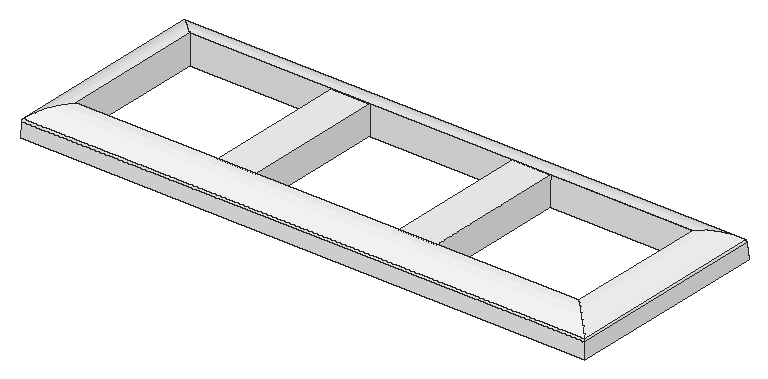
Revit family "Gira_021303", category Electrical Fixtures, host Face, Revit 2017
Family settings
  Host = Face
  Maintain Annotation Orientation = No
  Round Connector Dimension = Use Diameter
  Part Type = Normal
  Cut with Voids When Loaded = No
  Shared = No
  Room Calculation Point = No
Parameters (values of type "Cov.fr. 3-g Standard 55 p.white")
  With mounting grid = "No"
  With hinged lid = "No"
  URL = "http://katalog.gira.de/en/datenblatt.html?artikelnr=021303"
  Type of fastening = "Clamp mounting"
  Transparent = "No"
  Surface protection = "Other"
  Surface finishing = "Glossy"
  Suitable for wall duct = "No"
  Suitable for flush-mounted installation = "Yes"
  Suitable for floor box = "No"
  Suitable for built-in installation = "No"
  RAL-number (akin) = "9010"
  Number of units vertical = "3"
  Number of units horizontal = "3"
  Number of units = "3"
  Name = "Cov.fr. 3-g Standard 55 p.white"
  Mounting direction = "Horizontal and vertical"
  Material quality = "Thermoplastic"
  Material = "Plastic"
  Manufacturer URL = "https://www.gira.de/"
  Manufacturer = "Gira"
  Label space/information surface = "No"
  Keynote = ""
  HeinzeBIM = "https://bimportal.heinze.de/bim/cov-fr-3-g-standard-55-p-white/6eb16dc43ea6cd5cbc73a7e035a179e5f14b4485"
  Halogen free = "Yes"
  HAN = "021303"
  GTIN = "4010337213031"
  Description = "Cov.fr.3g Std55 PW,Gira Standard 55 cover frame,pure white glossy,3-gang,Features:,- Shatter-proof.,,Notes :,- Also suitable for duct installation.,- In connection with the seal kit, frame (1-gang to 5-gang) is also suitable for installation as water-protected flush-mounted IP44."
  Degree of protection (IP) = "IP21"
  Default Elevation = 1219.2 mm
  Data sheet (1) = "https://katalog.gira.de/en/download.html?artikelnr=021303"
  Colour = "White"
  Category = "Cover frame for domestic switching devices"
  BIM (1) = "https://media.stage.bim.site/public/gira/36a6b08/Std55_Rahmen_3fach.rfa"
  Available = "No"
Reference planes
  plane 1 "Center (Front/Back)": y = 0
  plane 2: z = 0
  plane 3 "Center (Left/Right)": x = 0
  plane 4: x = -40.3
  plane 5: x = 40.3
  plane 6: y = -111.5
  plane 7: y = 111.5
  plane 8: y = 35.7
  plane 9: y = -35.7
Forms (mm)
  Sweep 1, solid, material "White", detail levels fine
    path origin (0, 0, 0) x (0, -1, 0) y (1, 0, 0)
      loop
        line (40.3, 111.5) -> (-40.3, 111.5) -> (-40.3, -111.5) -> (40.3, -111.5) -> (40.3, 111.5)
    profile origin (111.5, 0, 0) x (-1, 0, 0) y (0, 0, 1)
      loop
        arc (12.22, 11.373) -> (5.983, 10.294) -> (0.641, 6.901) r 16.145
        arc (0.641, 6.901) -> (0.395, 6.426) -> (0.309, 5.898) r 1.694
        line (0.309, 5.898) -> (0, 0) -> (12.319, 0) -> (12.22, 11.373)
  Extrusion 2, solid, material "White", detail levels fine
    sketch origin (-35.7, 0, 0) x (1, 0, 0) y (0, 0, 1)
      loop
        line (7.4, 0) -> (7.4, 11.373) -> (-7.4, 11.373) -> (-7.4, 0) -> (7.4, 0)
    from -28.08 to 28.08
  Extrusion 3, solid, material "White", detail levels fine
    sketch origin (35.7, 0, 0) x (1, 0, 0) y (0, 0, 1)
      loop
        line (7.4, 0) -> (7.4, 11.373) -> (-7.4, 11.373) -> (-7.4, 0) -> (7.4, 0)
    from -28.08 to 28.08
  Extrusion 4, solid, material "White", detail levels coarse+medium
    sketch origin (0, 0, 0) x (0, -1, 0) y (1, 0, 0)
      loop
        line (40.3, 111.5) -> (-40.3, 111.5) -> (-40.3, -111.5) -> (40.3, -111.5) -> (40.3, 111.5)
    from 0 to 11.373
Dimensions and locks
  aligned and locked: plane 2 to host face
  aligned and locked: level to host face
